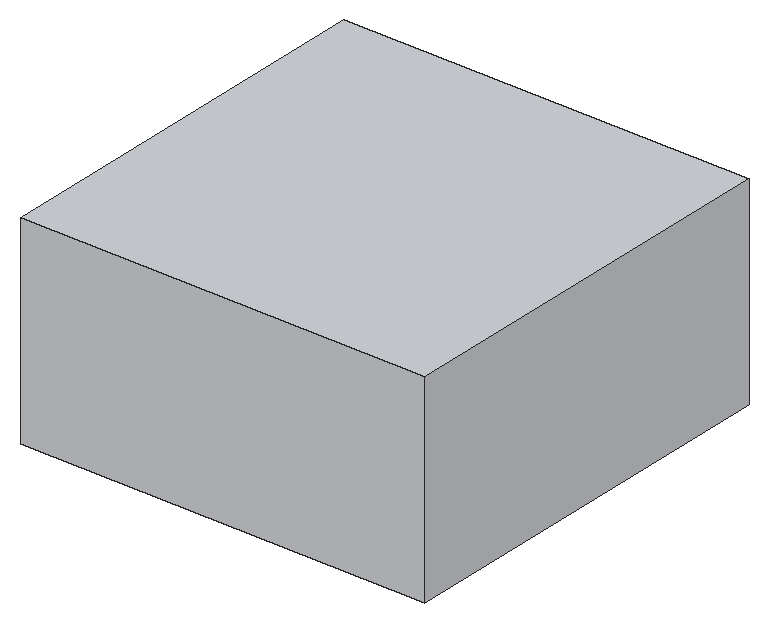
Revit family "Набор блоков свинцовых", category Оборудование, Revit 2017
Family settings
  Размер круглого соединителя = Использовать диаметр
  Тип детали = Нормальный
  На основе рабочей плоскости = Нет
  Всегда вертикально = Да
  При загрузке вырезать с полостями = Нет
  Общий = Нет
  Точка расчета площади = Нет
Parameters (values of type "Тип")
  Общ_Тип, марка = "Комплект: блок БЗ-01-50 - 14 шт., блок БЗ-03-50 - 14 шт., блок БЗ-04-50 - 4 шт., БЗ-06-50 - 4 шт."
  Общ_Примечание КР [instance] = ""
  Общ_Примечание АР [instance] = ""
  Общ_Примечание = ""
  Общ_Поставщик = ""
  Общ_Позиция = "146"
  Общ_Наименование = "Набор свинцовых блоков типа \"домик свинцовый\""
  Общ_Масса = ""
  Общ_Код продукции = ""
  Общ_Единицы измерения = "компл."
  Keynote = ""
  Model = ""
Reference planes
  plane 1 "По центру (Вперед/Назад)": y = 0
  plane 2: z = 0
  plane 3 "По центру (Влево/Вправо)": x = 0
Forms (mm)
  Extrusion 1, solid
    sketch origin (0, 0, 0) x (1, 0, 0) y (0, 1, 0)
      loop
        line (-100, -100) -> (100, -100) -> (100, 100) -> (-100, 100) -> (-100, -100)
    from 0 to 100
Dimensions and locks
  aligned and locked: level to plane 2
